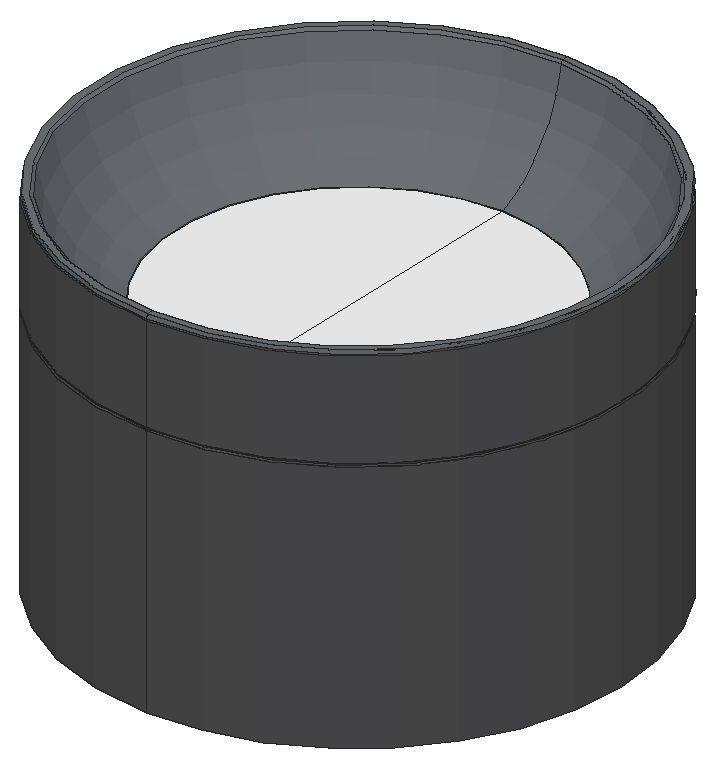
Revit family "Zumtobel PANOS 3 Surface-Mounted R200", category Lighting Fixtures, host Face, Revit 2023
Family settings
  Host = Face
  Round Connector Dimension = Use Diameter
  Part Type = Normal
  Cut with Voids When Loaded = Yes
  Light Source = Yes
  Maintain Annotation Orientation = No
  Shared = No
  Room Calculation Point = Yes
Parameters (values of type "PANOS SC R200 1k-940 LDO L AL BK")
  URL = "https://www.zumtobel.com/com-en/products/product_popup.html?62930180"
  Type Image = ZS_PA3_F_SM_R200_L_AL_BKBK.jpg
  Power Factor = 0.8
  Model = "62930180"
  Material Reflector = Zumtobel-Plastic-RAL 7016-Anthracite Grey-Reflective
  Material Housing Top = Zumtobel-Aluminium-RAL 9005-Jet Black
  Material Housing = Zumtobel-Aluminium-RAL 9005-Jet Black
  Wattage = 8.3 W
  built-in parameter 1150110 = 1 (stored number, unit not read)
  built-in parameter 1114217 = 1 (stored number, unit not read)
  Tilt Angle = -90.00°  # constant formula
  built-in parameter 1150109 = 1 (stored number, unit not read)
  built-in parameter 1150134 = 12
  built-in parameter 1150113 = 1 (stored number, unit not read)
  Photometric Web File = "62930180_(STD_LEO).IES"
  Manufacturer = "Zumtobel Lighting"  # constant formula
  built-in parameter 1150105 = 91.514 (stored number, unit not read)
  Lumens = 1150 lm
  Luminaire Width = 190 mm  # constant formula
  Luminaire Length = 190 mm  # constant formula
  Luminaire Height = 128 mm  # constant formula
  built-in parameter 1150115 = 1 (stored number, unit not read)
  built-in parameter 1150137 = (empty or 0)
  built-in parameter 1150139 = (empty or 0)
  built-in parameter 1150112 = 1 (stored number, unit not read)
  built-in parameter 1150114 = 1 (stored number, unit not read)
  Lamp = "LED"
  built-in parameter 1150132 = 2
  built-in parameter 1150102 = (empty or 0)
  built-in parameter 1150107 = 4000 (stored number, unit not read)
  built-in parameter 1150138 = (empty or 0)
  built-in parameter 1150106 = 0.91514 (stored number, unit not read)
  Emit from Circle Diameter = 130 mm  # constant formula
  Emit Shape Visible in Rendering = 0 > 1  # no
  built-in parameter 1150104 = 12.914 (stored number, unit not read)
  Dimming Lamp Color Temperature Shift = <None>
  Description = "Downlight, Ceiling surface mounted luminaire"  # constant formula
  Default Elevation = 0 mm  # constant formula
  Color Filter = 16777215
  built-in parameter 1114218 = 1 (stored number, unit not read)
  built-in parameter 1150133 = 10 (stored number, unit not read)
  Assembly Code = "Pr_70_70_48"
  Apparent Load = Wattage / Power Factor  # 10.375 VA
Types (13, lengths in mm): name | URL | Type Image | Power Factor | Model | Material Reflector | Material Housing Top | Material Housing | Wattage | Photometric Web File | Lumens | built-in parameter 1150104 | Apparent Load
  PANOS SC R200 1k-940 LDO L AL BK | "https://www.zumtobel.com/com-en/products/product_popup.html?62930180" | ZS_PA3_F_SM_R200_L_AL_BKBK.jpg | 0.8 | "62930180" | Zumtobel-Plastic-RAL 7016-Anthracite Grey-Reflective | Zumtobel-Aluminium-RAL 9005-Jet Black | Zumtobel-Aluminium-RAL 9005-Jet Black | 8.3 W | "62930180_(STD_LEO).IES" | 1150 lm | 12.914 (stored number, unit not read) | 10.375 VA
  PANOS SC R200 2k-940 LDO L AL BK | "https://www.zumtobel.com/com-en/products/product_popup.html?62930181" | ZS_PA3_F_SM_R200_L_AL_BKBK.jpg | 0.92 | "62930181" | Zumtobel-Plastic-RAL 7016-Anthracite Grey-Reflective | Zumtobel-Aluminium-RAL 9005-Jet Black | Zumtobel-Aluminium-RAL 9005-Jet Black | 15.6 W | "62930181_(STD_LEO).IES" | 2240 lm | 13.378 (stored number, unit not read) | 16.9565 VA
  PANOS SC R200 3k-940 LDO L AL BK | "https://www.zumtobel.com/com-en/products/product_popup.html?62930182" | ZS_PA3_F_SM_R200_L_AL_BKBK.jpg | 0.95 | "62930182" | Zumtobel-Plastic-RAL 7016-Anthracite Grey-Reflective | Zumtobel-Aluminium-RAL 9005-Jet Black | Zumtobel-Aluminium-RAL 9005-Jet Black | 23.3 W | "62930182_(STD_LEO).IES" | 3230 lm | 12.914 (stored number, unit not read) | 24.5263 VA
  PANOS SC R200 1k-940 LDO L AL WH | "https://www.zumtobel.com/com-en/products/product_popup.html?60819414" | ZS_PA3_F_SM_R200_L_AL_WHWH.jpg | 0.8 | "60819414" | Zumtobel-Plastic-RAL 7016-Anthracite Grey-Reflective | Zumtobel-Aluminium-RAL 9003-Signal White | Zumtobel-Aluminium-RAL 9003-Signal White | 8.3 W | "60819414_(STD_LEO).IES" | 1150 lm | 12.914 (stored number, unit not read) | 10.375 VA
  PANOS SC R200 1k-940 LDO L SPC BK | "https://www.zumtobel.com/com-en/products/product_popup.html?62930189" | ZS_PA3_F_SM_R200_L_SPC_BKBK.jpg | 0.8 | "62930189" | Zumtobel-Plastic-RAL 7001-Silver Grey | Zumtobel-Aluminium-RAL 9005-Jet Black | Zumtobel-Aluminium-RAL 9005-Jet Black | 8.3 W | "62930189_(STD_LEO).IES" | 1140 lm | 12.728 (stored number, unit not read) | 10.375 VA
  PANOS SC R200 1k-940 LDO L SPC WH | "https://www.zumtobel.com/com-en/products/product_popup.html?62930171" | ZS_PA3_F_SM_R200_L_SPC_WHWH.jpg | 0.8 | "62930171" | Zumtobel-Plastic-RAL 7001-Silver Grey | Zumtobel-Aluminium-RAL 9003-Signal White | Zumtobel-Aluminium-RAL 9003-Signal White | 8.3 W | "62930171_(STD_LEO).IES" | 1140 lm | 12.728 (stored number, unit not read) | 10.375 VA
  PANOS SC R200 2k-940 LDO L AL WH | "https://www.zumtobel.com/com-en/products/product_popup.html?60819415" | ZS_PA3_F_SM_R200_L_AL_WHWH.jpg | 0.92 | "60819415" | Zumtobel-Plastic-RAL 7016-Anthracite Grey-Reflective | Zumtobel-Aluminium-RAL 9003-Signal White | Zumtobel-Aluminium-RAL 9003-Signal White | 15.6 W | "60819415_(STD_LEO).IES" | 2240 lm | 13.378 (stored number, unit not read) | 16.9565 VA
  PANOS SC R200 2k-940 LDO L SPC BK | "https://www.zumtobel.com/com-en/products/product_popup.html?62930191" | ZS_PA3_F_SM_R200_L_SPC_BKBK.jpg | 0.92 | "62930191" | Zumtobel-Plastic-RAL 7001-Silver Grey | Zumtobel-Aluminium-RAL 9005-Jet Black | Zumtobel-Aluminium-RAL 9005-Jet Black | 15.6 W | "62930191_(STD_LEO).IES" | 2210 lm | 13.192 (stored number, unit not read) | 16.9565 VA
  PANOS SC R200 2k-940 LDO L SPC WH | "https://www.zumtobel.com/com-en/products/product_popup.html?62930172" | ZS_PA3_F_SM_R200_L_SPC_WHWH.jpg | 0.92 | "62930172" | Zumtobel-Plastic-RAL 7001-Silver Grey | Zumtobel-Aluminium-RAL 9003-Signal White | Zumtobel-Aluminium-RAL 9003-Signal White | 15.6 W | "62930172_(STD_LEO).IES" | 2210 lm | 13.192 (stored number, unit not read) | 16.9565 VA
  PANOS SC R200 3k-930 LDO L BK BK | "https://www.zumtobel.com/com-en/products/product_popup.html?62930304" | ZS_PA3_F_SM_R200_L_BK_BKBK.jpg | 0.95 | "62930304" | Zumtobel-Plastic-RAL 9005-Jet Black | Zumtobel-Aluminium-RAL 9005-Jet Black | Zumtobel-Aluminium-RAL 9005-Jet Black | 23.3 W | "62930304_(STD_LEO).IES" | 2780 lm | 11.055 (stored number, unit not read) | 24.5263 VA
  PANOS SC R200 3k-940 LDO L AL WH | "https://www.zumtobel.com/com-en/products/product_popup.html?60819416" | ZS_PA3_F_SM_R200_L_AL_WHWH.jpg | 0.95 | "60819416" | Zumtobel-Plastic-RAL 7016-Anthracite Grey-Reflective | Zumtobel-Aluminium-RAL 9003-Signal White | Zumtobel-Aluminium-RAL 9003-Signal White | 23.3 W | "60819416_(STD_LEO).IES" | 3230 lm | 12.914 (stored number, unit not read) | 24.5263 VA
  PANOS SC R200 3k-940 LDO L SPC BK | "https://www.zumtobel.com/com-en/products/product_popup.html?62930190" | ZS_PA3_F_SM_R200_L_SPC_BKBK.jpg | 0.95 | "62930190" | Zumtobel-Plastic-RAL 7001-Silver Grey | Zumtobel-Aluminium-RAL 9005-Jet Black | Zumtobel-Aluminium-RAL 9005-Jet Black | 23.3 W | "62930190_(STD_LEO).IES" | 3190 lm | 12.728 (stored number, unit not read) | 24.5263 VA
  PANOS SC R200 3k-940 LDO L SPC WH | "https://www.zumtobel.com/com-en/products/product_popup.html?62930173" | ZS_PA3_F_SM_R200_L_SPC_WHWH.jpg | 0.95 | "62930173" | Zumtobel-Plastic-RAL 7001-Silver Grey | Zumtobel-Aluminium-RAL 9003-Signal White | Zumtobel-Aluminium-RAL 9003-Signal White | 23.3 W | "62930173_(STD_LEO).IES" | 3190 lm | 12.728 (stored number, unit not read) | 24.5263 VA
Reference planes
  plane 1 "Center (Front/Back)": y = 0
  plane 2: z = 0
  plane 3 "Center (Left/Right)": x = 0
  plane 4: x = -95
  plane 5: x = 95
  plane 6: y = 95
  plane 7: y = -95
  plane 8 "Bottom": z = 128
Forms (mm)
  Revolve 1, solid, material "Zumtobel-Aluminium-RAL 9005-Jet Black" <- "Material Housing Top"
    sketch origin (0, 0, 0) x (0, 1, 0) y (0, 0, 1)
      loop
        arc (94.776, 90.472) -> (94.6, 90.896) -> (94.176, 91.072) r 0.6
        line (94.176, 91.072) -> (92.726, 91.072) -> (92.726, 92.272) -> (90.726, 92.272) -> (90.726, 10) -> (0, 10) -> (0, 0) -> (94.776, 0) -> (94.776, 90.472)
      axis (0, 92.272) -> (0, 0)
    angle from 0 to 360
  Revolve 2, solid, material "Zumtobel-Plastic-Self Illuminated 4000K"
    sketch origin (0, 0, 58) x (0, 1, 0) y (0, 0, 1)
      loop
        line (65, 32.971) -> (0, 32.971) -> (0, 30.779) -> (65, 30.779) -> (65, 32.971)
      axis (0, 30.779) -> (0, 32.971)
    angle from 0 to 360
  Revolve 3, solid, material "Zumtobel-Plastic-RAL 7016-Anthracite Grey-Reflective" <- "Material Reflector"
    sketch origin (0, 0, 58) x (0, 1, 0) y (0, 0, 1)
      loop
        line (94.468, 68.571) -> (94.4, 69.871) -> (91.936, 69.871) -> (90.91, 68.881)
        arc (90.91, 68.881) -> (82.678, 47.519) -> (65, 32.971) r 45
        line (65, 32.971) -> (65, 30.779)
        arc (65, 30.779) -> (84.003, 45.942) -> (92.888, 68.571) r 47
        line (92.888, 68.571) -> (94.468, 68.571)
      axis (0, 30.779) -> (0, 69.871)
    angle from 0 to 360
  Revolve 4, solid, material "Zumtobel-Aluminium-RAL 9005-Jet Black" <- "Material Housing"
    sketch origin (0, 0, 58) x (0, 1, 0) y (0, 0, 1)
      loop
        line (94.776, 68.072) -> (93.476, 68.072) -> (92.38, 62.572) -> (92.088, 37.525) -> (90.726, 36.753) -> (90.726, 34.272) -> (92.726, 34.272) -> (92.726, 33.072) -> (94.176, 33.072)
        arc (94.176, 33.072) -> (94.6, 33.247) -> (94.776, 33.672) r 0.6
        line (94.776, 33.672) -> (94.776, 68.072)
      axis (0, 68.072) -> (0, 33.072)
    angle from 0 to 360
Lines and regions (mm)
  Filled region 1, type "White"
    outline origin (0, 0, 0) x (1, 0, 0) y (0, 1, 0)
      loop
        circle (0, 0) r 95
  model lines, style "InvisibleLines"
    curve 1: line (0, 250, 0) -> (0, -250, 0)
    curve 2: line (-250, 0, 0) -> (250, 0, 0)
  symbolic lines
    curve 3: circle (0, 0, 0) r 65 normal (0, 0, 1)
Dimensions and locks
  equal spacing: plane 4, plane 3 "Center (Left/Right)", plane 5
  "Luminaire Length": plane 4 to plane 5
  equal spacing: plane 7, plane 1 "Center (Front/Back)", plane 6
  "Luminaire Width": plane 7 to plane 6
  "Luminaire Height": plane 8 "Bottom" to level
  imposter light to Revolve 2 = 1 mm
  aligned and locked: plane 2 to host face
  aligned and locked: level to host face
  aligned and locked: plane 1 "Center (Front/Back)" to curve 2
  aligned and locked: curve 1 to plane 3 "Center (Left/Right)"
Automatic sketch dimensions
  plane 1 "Center (Front/Back)" to curve 3 = 0 mm
  curve 3 to plane 3 "Center (Left/Right)" = 0 mm
  curve 2 to plane 4 = 155 mm
  curve 2 to plane 5 = 155 mm
  plane 7 to curve 1 = 155 mm
  plane 6 to curve 1 = 155 mm
  host sketch curve to host sketch curve = 2438.4 mm  (x2)
  plane 1 "Center (Front/Back)" to Filled region 1 sketch curve = 0 mm
  Filled region 1 sketch curve to plane 3 "Center (Left/Right)" = 0 mm
  Revolve 2 sketch curve to plane 1 "Center (Front/Back)" = 0 mm  (x2)
  Revolve 2 sketch curve to plane 6 = 30 mm
  Revolve 2 sketch curve to Revolve 2 sketch curve = 2.192 mm
  Revolve 2 sketch curve to level = 2643.474 mm
  plane 8 "Bottom" to Revolve 2 sketch curve = 2008.453 mm
  Revolve 3 sketch curve to Revolve 3 sketch curve = 0 mm  (x2)
  Revolve 3 sketch curve to plane 1 "Center (Front/Back)" = 0 mm
  plane 8 "Bottom" to Revolve 3 sketch curve = 3.849 mm
  Revolve 3 sketch curve to plane 1 "Center (Front/Back)" = 46.185 mm
  Revolve 3 sketch curve to plane 6 = 30 mm
  Revolve 3 sketch curve to plane 8 "Bottom" = 1.119 mm
  Revolve 3 sketch curve to plane 6 = 4.09 mm
  Revolve 3 sketch curve to plane 8 "Bottom" = 0.129 mm
  Revolve 3 sketch curve to Revolve 3 sketch curve = 1.026 mm
  Revolve 3 sketch curve to Revolve 3 sketch curve = 0.951 mm
  Revolve 3 sketch curve to plane 6 = 0.6 mm
  Revolve 3 sketch curve to plane 6 = 0.532 mm
  Revolve 3 sketch curve to Revolve 3 sketch curve = 2.192 mm
  Revolve 3 sketch curve to level = 2643.474 mm
  Revolve 3 sketch curve to Revolve 3 sketch curve = 2004.604 mm
  Revolve 4 sketch curve to plane 1 "Center (Front/Back)" = 0 mm
  Revolve 4 sketch curve to plane 6 = 4.274 mm
  Revolve 4 sketch curve to Revolve 4 sketch curve = 1.362 mm
  Revolve 4 sketch curve to plane 6 = 2.62 mm
  Revolve 4 sketch curve to Revolve 4 sketch curve = 2 mm
  Revolve 4 sketch curve to plane 6 = 1.524 mm
  Revolve 4 sketch curve to plane 6 = 0.824 mm
  Revolve 4 sketch curve to plane 6 = 0.224 mm
  Revolve 4 sketch curve to Revolve 4 sketch curve = 1.2 mm
  Revolve 4 sketch curve to Revolve 4 sketch curve = 2.481 mm
  Revolve 4 sketch curve to Revolve 4 sketch curve = 0.772 mm
  Revolve 4 sketch curve to plane 8 "Bottom" = 7.428 mm
  Revolve 4 sketch curve to plane 8 "Bottom" = 1.928 mm
  Revolve 4 sketch curve to level = 2020.453 mm
  plane 8 "Bottom" to Revolve 4 sketch curve = 2631.474 mm
  Revolve 2 sketch curve to plane 8 "Bottom" = 39.221 mm
  Revolve 4 sketch curve to Revolve 4 sketch curve = 29.501 mm
  Revolve 1 sketch curve to plane 1 "Center (Front/Back)" = 0 mm  (x2)
  Revolve 1 sketch curve to level = 0 mm
  Revolve 1 sketch curve to plane 6 = 2.274 mm
  Revolve 1 sketch curve to plane 6 = 0.824 mm
  Revolve 1 sketch curve to Revolve 1 sketch curve = 10 mm
  Revolve 1 sketch curve to plane 8 "Bottom" = 37.528 mm
  Revolve 1 sketch curve to Revolve 1 sketch curve = 1.2 mm
  Revolve 1 sketch curve to plane 6 = 0.224 mm
  Revolve 1 sketch curve to level = 2078.453 mm
  plane 8 "Bottom" to Revolve 1 sketch curve = 2573.474 mm
  Revolve 1 sketch curve to Revolve 1 sketch curve = 4.05 mm
  radius of curve 3 = 65 mm
  radius of Filled region 1 sketch curve = 95 mm
Connectors
  electrical at (0, 0, 0), driven by "Apparent Load", driven by "Power Factor"
    settings: index 1, voltage 230 V, apparent load 10.375 VA, apparent load phase1 0 VA, apparent load phase2 0 VA, apparent load phase3 0 VA, power factor 0.8, load classification "Lighting", number of poles 1, system type 30, power factor state 1, is connector primary yes, connector utility no, sub classification motor no, connector description ""
